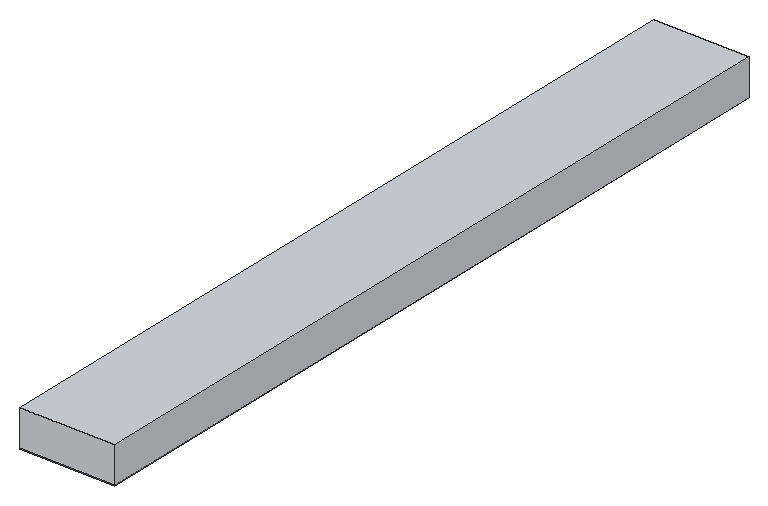
Revit family "ERK9635W_RAD770N", category 照明器具, Revit 2020
Family settings
  丸型コネクタ寸法 = 直径を使用
  パーツ タイプ = 標準
  OmniClass 番号 = 23.80.70.11.14.17
  OmniClass タイトル = Direct/Indirect
  作業面ベース = いいえ
  常に垂直 = はい
  ロード時にボイドで切り取り = はい
  光源 = はい
  共有 = いいえ
  部屋計算ポイント = いいえ
Parameters (values of type "ERK9635W_RAD770N")
  電源種別_記号 = "AC"
  電源種別 = ""
  防災用照明器具電源種別 = ""
  防災用照明器具種類 = ""
  運転質量 = 0.00 kg
  質量 = 0.00 kg
  負荷分類 = 8_照明
  積算_科目2 = "[1_1]照明"
  説明 = "ベースライト 逆富士 40Wタイプ W+150"
  誘導灯形式 = ""
  誘導灯仕様 = ""
  認定番号 = ""
  設置方法 = ""
  記号 = ""
  製造元 = "株式会社遠藤照明"
  製品質量 = 0.00 kg
  製品出荷対象 = ""
  製品リリース年月 = "2023.04"
  製品グループ = ""
  背面形式 = ""
  系統 [instance] = ""
  符号 = ""
  積算_科目 = "1 電灯設備"
  積算_拾い区分 = ""
  種別 [instance] = ""
  相 = 1
  皮相負荷 = 0 VA
  用途 = "E_一般照明"
  特殊仕様 [instance] = ""
  照明制御装置の種類 = ""
  法定耐用年数 = ""
  極数 = 1
  材質_本体 = none
  材質_反射板 = none
  材質_ルーバー = none
  材質_カバー = none
  材質 = ""
  既定の高さ = 0 mm
  形式 = "ベースライト"
  平均演色評価数(Ra) = 82
  定格消費電力 = 24.1 W
  定格入力電流 = 0 A
  定格入力電圧 = 0 V
  定格入力容量 = 0 VA
  定格光束 = 4057 lm
  安定器_蛍光灯 = ""
  安定器_定格電圧 = 0 V
  安定器_入力電流 = 0 A
  安定器_入力電力 = 0 W
  安定器_二次電圧 = 0 V
  埋込高さ = "0"
  埋込穴寸法 = "0"
  固有エネルギー消費効率(lm/W) = 168.3
  器具サイズ = ""
  呼称 = "ベースライト"
  周波数 = 0 Hz
  参照している仕様書等のバージョン = ""
  分類コード = "40305100000000"
  分類グループ = ""
  公共型番 = "LSS9-4-37"
  傾斜角 = 90.00°
  価格 = 25550
  企業コード = "6932"
  付属品 = ""
  仕様書バージョン = ""
  仕様 = ""
  Wattage = 27.3121 W
  built-in parameter 1150110 = 1 (stored number, unit not read)
  built-in parameter 1114217 = 1 (stored number, unit not read)
  built-in parameter 1150109 = 1 (stored number, unit not read)
  built-in parameter 1150134 = 2
  ランプの種類 = "LED"
  ランプ_電流 = 0 A
  ランプ_本数 = 0
  ランプ_定格消費電力 = 0 W
  ランプ_定格消費効率(lm/W) = 0
  ランプ_大きさ = ""
  ランプ_全光束 = 0 lm
  ランプ = "LED"
  モデル = "ERK9635W_RAD770N"
  フォトメトリック Web ファイル = "ERK9635W_RAD770N.IES"
  イメージ(タイプ) = <なし>
  シンボル表示 = yes
  built-in parameter 1150113 = 1 (stored number, unit not read)
  Lumens = 4057 lm
  built-in parameter 1150115 = 1 (stored number, unit not read)
  built-in parameter 1150105 = 322.85 (stored number, unit not read)
  built-in parameter 1150137 = (empty or 0)
  built-in parameter 1150139 = (empty or 0)
  built-in parameter 1150112 = 1 (stored number, unit not read)
  built-in parameter 1150114 = 1 (stored number, unit not read)
  built-in parameter 1150132 = 2
  built-in parameter 1150102 = (empty or 0)
  built-in parameter 1150138 = (empty or 0)
  built-in parameter 1150107 = 5000 (stored number, unit not read)
  built-in parameter 1150106 = 3.2285 (stored number, unit not read)
  built-in parameter 1150104 = 13.8 (stored number, unit not read)
  Dimming Lamp Color Temperature Shift = (empty or 0)
  サービススペース表示 = no
  コメント = ""
  グレア分類 = ""
  Keynote = ""
  Color Filter = 16777215
  built-in parameter 1114218 = 1 (stored number, unit not read)
  built-in parameter 1150133 = 10 (stored number, unit not read)
  カバー形状 = ""
  built-in parameter 1150142 = "IESNA:LM-63-2002\r\n[TEST] ERK9635W_RAD770N  HEC0K01(update:11111111)\r\n[MANUFAC] ENDO LIGHTING CORP.\r\n[LUMCAT] ERK9635W_RAD770N\r\n[LAMP] 40W4000lmÀ²Ìß_SD??°½Þ_5000K 5000K\r\n[LAMPCAT] 40W4000lmÀ²??_SD¼Ø°??_5000K 4136 lm x1 5000K\r\nTILT=NONE\r\n1 4136 1.0 37 19 1 2 0 0 0\r\n1 1 0\r\n0 5 10 15 20 25 30 35 40 45 50 55 60 65 70 75 80 85 90 95 100 105 110 115 120 125 130 135 140 145 150 155 160 165 170 175 180 \r\n0 5 10 15 20 25 30 35 40 45 50 55 60 65 70 75 80 85 90 \r\n1255.2586 1254.4306 1239.3609 1214.1895 1179.4132 1135.446 1083.4471 1023.5822 955.6857 882.3243 804.8725 722.7507 638.7826 555.3608 474.8372 397.2364 325.887 262.9088\r\n209.5768 166.4211 133.2346 109.8517 89.3254 67.6242 41.1983 18.1665 3.3142 2.9036 2.8281 3.2262 3.3476 3.5571 3.4021 3.5152 3.7499 3.9971\r\n4.1814\r\n1255.2586 1253.7682 1238.6985 1213.527 1178.5852 1135.032 1082.6191 1022.6714 955.2717 881.3306 803.6139 721.6992 637.9049 554.3755 473.7608 396.1517 324.794 261.8241\r\n208.5004 165.4358 132.3983 109.0816 88.6547 66.8698 40.5533 17.6498 3.2031 2.8868 2.8323 3.2136 3.3498 3.5613 3.4021 3.5237 3.7582 4.0013\r\n4.1647\r\n1255.2586 1252.9402 1237.4564 1212.5334 1177.3431 1133.5416 1081.1287 1021.0154 953.3673 879.5918 801.726 719.6043 635.3712 551.5934 470.7468 392.939 321.424 258.4872\r\n205.2961 162.4964 129.8812 106.8791 86.6592 64.6914 38.6679 16.1246 2.9161 2.8469 2.8365 3.1926 3.3519 3.5634 3.4042 3.5467 3.7729 3.9971\r\n4.1312\r\n1255.2586 1252.1122 1236.6284 1211.2086 1176.0183 1131.6372 1079.3071 1018.9454 950.8832 876.8594 798.5879 716.0439 631.4713 547.2381 465.8864 387.6646 315.9095 252.981\r\n199.9968 157.6608 125.7329 103.2939 83.372 61.1715 35.6598 13.6836 2.5642 2.8072 2.8575 3.1633 3.3498 3.5656 3.4084 3.5697 3.7876 3.9782\r\n4.106\r\n1255.2586 1251.2842 1235.966 1210.215 1174.6107 1130.3951 1077.4027 1016.4614 948.1508 873.1334 794.3982 711.2249 626.1058 541.2599 459.2872 380.4113 308.325 245.3302\r\n192.6689 150.9954 120.1024 98.3921 78.8321 56.2068 31.591 10.5745 2.3714 2.7841 2.9077 3.1444 3.3519 3.5719 3.4189 3.5907 3.7897 3.9636\r\n4.0934\r\n1255.2586 1249.7938 1234.0616 1208.145 1172.2923 1127.9111 1074.2563 1013.4806 944.5904 869.3245 789.7862 705.7766 619.49 533.7664 451.0154 371.386 298.778 235.6508\r\n183.4035 142.6573 113.0975 92.2317 73.1337 50.0265 26.6237 7.3532 2.3924 2.7694 2.9685 3.1424 3.3707 3.5781 3.4273 3.6075 3.7834 3.951\r\n4.0851\r\n1255.2586 1248.3033 1232.4056 1205.9922 1169.5599 1124.5163 1070.4474 1009.0921 939.7051 864.3565 784.3379 699.492 612.1124 525.0475 441.1042 360.6136 287.335 224.0918\r\n172.4325 132.8123 104.8505 84.9866 66.1785 42.7782 20.913 4.37 2.4322 2.7694 3.0334 3.1487 3.3917 3.5928 3.4314 3.6116 3.7813 3.9426\r\n4.0872\r\n1255.2586 1247.3097 1231.3292 1204.5846 1167.4899 1121.6183 1066.7214 1004.2897 934.3231 858.2292 777.631 692.3712 603.9897 515.6248 430.0834 348.2763 274.178 210.7692\r\n159.7557 121.5845 95.61 76.7157 58.0292 34.8177 14.5514 2.6878 2.4699 2.782 3.0921 3.1654 3.4126 3.6116 3.4377 3.6116 3.7813 3.9406\r\n4.0893\r\n1255.2586 1247.4753 1231.1636 1204.3362 1166.4134 1119.4655 1063.575 1000.0668 929.2722 852.1848 770.7255 683.9917 594.9147 505.4403 418.3919 334.8709 259.7044 196.0389\r\n145.8038 109.3714 85.5911 67.6656 48.6653 26.5426 8.2624 2.2583 2.5055 2.8198 3.1361 3.1969 3.4356 3.6242 3.4461 3.6095 3.775 3.9426\r\n4.0913\r\n1255.2586 1247.7237 1230.9152 1203.6738 1165.337 1117.6438 1060.8426 996.7548 924.6354 846.5543 763.5963 675.8193 585.1525 494.2953 405.7814 320.4801 243.9474 179.9259\r\n130.5933 96.2807 74.9562 57.9034 38.1695 18.0787 3.7394 2.3149 2.5599 2.8617 3.1884 3.2262 3.4566 3.6388 3.4608 3.6075 3.7792 3.9468\r\n4.0913\r\n1255.2586 1247.8893 1230.7496 1203.2598 1164.095 1115.7394 1058.3585 993.1944 920.247 841.2551 757.527 668.0692 575.8292 483.109 392.7734 305.5843 227.2962 162.8773\r\n114.6127 82.8504 63.8741 47.492 27.5064 9.5734 2.2687 2.3547 2.6165 2.9014 3.2492 3.2597 3.4733 3.6557 3.4733 3.6095 3.7792 3.9531\r\n4.0872\r\n1255.2586 1247.4753 1230.5012 1202.6802 1163.5154 1114.0834 1055.7917 989.634 915.8585 836.0387 751.2425 661.1553 567.2842 472.3614 379.6992 290.1668 209.9081 144.9012\r\n97.9118 69.1949 52.3731 35.9902 17.3244 3.4566 2.2667 2.4112 2.6584 2.9455 3.3057 3.3037 3.4859 3.6744 3.4881 3.6138 3.7834 3.9594\r\n4.0893\r\n1255.2586 1247.0613 1229.2592 1201.1897 1161.611 1111.5166 1052.6453 986.0735 911.6357 830.8222 744.9579 654.2414 558.9461 462.2018 367.0721 274.8735 192.1887 126.2793\r\n80.9062 55.7249 40.6833 23.84 7.7722 2.3463 2.3212 2.4887 2.6962 2.9999 3.3686 3.3519 3.4985 3.6933 3.5006 3.62 3.7813 3.9636\r\n4.0872\r\n1255.2586 1247.8893 1230.5012 1201.1897 1161.197 1110.937 1051.1549 983.7551 908.3237 827.0713 740.1389 648.3792 551.8832 453.5243 355.9685 260.6483 175.0076 107.6326\r\n64.0414 42.8825 28.9306 12.8209 2.7653 2.3463 2.3944 2.5453 2.7401 3.0565 3.4168 3.4021 3.5132 3.7143 3.5152 3.6305 3.7876 3.9657\r\n4.0913\r\n1255.2586 1250.4562 1232.654 1203.0942 1162.439 1111.765 1051.1549 982.6787 906.2537 823.9332 736.3632 643.3532 546.0623 446.1716 346.4381 247.8887 158.6875 89.2592\r\n47.617 30.6901 16.7804 4.0222 2.5977 2.3882 2.4552 2.6144 2.7988 3.1068 3.4566 3.4524 3.5341 3.7332 3.53 3.6409 3.7918 3.9677\r\n4.0913\r\n1255.2586 1250.8702 1232.8196 1203.0942 1162.025 1111.351 1051.1549 982.6787 905.8396 822.8816 734.2683 639.7844 541.2847 440.036 338.5389 237.0584 143.8165 71.6466\r\n32.0315 18.9589 6.3685 2.7234 2.6187 2.4092 2.539 2.671 2.826 3.1507 3.4881 3.5006 3.5676 3.7541 3.5446 3.6535 3.7981 3.9699\r\n4.0934\r\n1255.2586 1250.6218 1232.4056 1202.4318 1161.197 1110.2746 1049.3333 980.6087 903.6868 821.0021 732.1735 637.6896 538.4364 435.8877 332.6104 228.8446 131.976 55.9137\r\n18.2046 8.2749 2.891 2.6815 2.6396 2.5139 2.604 2.7234 2.8658 3.1843 3.5132 3.5341 3.6053 3.7708 3.5593 3.6682 3.8064 3.974\r\n4.0976\r\n1255.2586 1248.1377 1229.9216 1200.1133 1158.6302 1107.5422 1046.6008 977.8763 901.2028 817.8556 728.82 633.9222 534.6441 432.1203 328.2468 222.9988 123.5304 43.9928\r\n7.5208 3.0376 2.9119 2.8281 2.7653 2.5768 2.5851 2.7506 2.8784 3.1969 3.5237 3.5593 3.6347 3.7876 3.5697 3.6807 3.8127 3.9762\r\n4.1019\r\n1255.2586 1243.5009 1225.5331 1195.7249 1153.8277 1103.1537 1042.792 974.0674 897.808 814.9245 725.6819 630.991 531.8123 429.3299 325.6717 220.4651 120.5827 39.4678\r\n2.891 3.0586 2.9329 2.7653 2.6815 2.5558 2.5809 2.7485 2.8868 3.201 3.532 3.5656 3.6494 3.796 3.5781 3.687 3.8169 3.9762\r\n4.1019\r\n"
  diameter = 0 mm
  Width = 150 mm
  Version = ""
  Uniclass2015Version = ""
  Uniclass2015Title = ""
  Uniclass2015Code = ""
  URL = "https://www.endo-lighting.co.jp/"
  SpecificationReference = ""
  SpecificationDescription = ""
  Revision = ""
  ProductInformation = ""
  OmniClassCode = "23.80.70.11.14.17"
  LED制御装置 = ""
  IfcTypeProduct = ""
  IfcProduct = ""
  IfcExportType = ""
  IfcExportAs = "IfcLightFixtureType"
  Height = 57 mm
  Depth = 1250 mm
  Clearance Top = 0 mm
  Clearance Right = 0 mm
  Clearance Left = 0 mm
  Clearance Front = 0 mm
  Clearance Bottom = 0 mm
  Clearance Back = 0 mm
  Author = "遠藤照明"
Reference planes
  plane 1 "光源軸(正面/背面)": y = 0
  plane 2: z = 0
  plane 3 "光源軸(左/右)": x = 0
  plane 4 "光源高さ": z = -157
  plane 5: x = 75
  plane 6: x = -75
  plane 7: y = 625
  plane 8: y = -625
  plane 9: z = -57
  plane 10: z = 0
  plane 11: z = -59
Forms (mm)
  Extrusion 1, solid
    sketch origin (0, 0, 0) x (1, 0, 0) y (0, 0, 1)
      loop
        line (-75, -57) -> (75, -57) -> (75, 0) -> (-75, 0) -> (-75, -57)
    from 625 to -625
  Extrusion 2, solid, material "発光面"
    sketch origin (0, 0, 0) x (1, 0, 0) y (0, 0, 1)
      loop
        line (-75, -59) -> (75, -59) -> (75, -57) -> (-75, -57) -> (-75, -59)
    from 625 to -625
Lines and regions (mm)
  symbolic lines, detail levels fine
    curve 1: line (75, 625, 0) -> (-75, 625, 0)
    curve 2: line (75, -625, 0) -> (75, 625, 0)
    curve 3: line (-75, 625, 0) -> (-75, -625, 0)
    curve 4: line (-75, -625, 0) -> (75, -625, 0)
Dimensions and locks
  equal spacing: plane 6, plane 3 "光源軸(左/右)", plane 5
  "Width": plane 6 to plane 5
  equal spacing: plane 8, plane 1 "光源軸(正面/背面)", plane 7
  "Depth": plane 8 to plane 7
  "Height": plane 2 to plane 9
  locked: plane 9 to plane 4 "光源高さ" at 100
  locked: plane 9 to plane 11 at 2
  aligned and locked: plane 3 "光源軸(左/右)" to imposter light
  aligned and locked: plane 1 "光源軸(正面/背面)" to imposter light
  aligned and locked: plane 4 "光源高さ" to imposter light
  aligned and locked: level to plane 2
  aligned and locked: plane 6 to Extrusion 1 sketch curve
  aligned and locked: plane 2 to Extrusion 1 sketch curve
  aligned and locked: plane 5 to Extrusion 1 sketch curve
  aligned and locked: plane 7 to Extrusion 1
  aligned and locked: plane 8 to Extrusion 1
  aligned and locked: Extrusion 2 sketch curve to plane 11
  aligned and locked: plane 6 to Extrusion 2 sketch curve
  aligned and locked: Extrusion 2 sketch curve to Extrusion 1  (x2)
  aligned and locked: plane 7 to Extrusion 2
  aligned and locked: plane 8 to Extrusion 2
  aligned and locked: curve 1 to Extrusion 1
  aligned and locked: curve 2 to Extrusion 1
  aligned and locked: curve 3 to Extrusion 1
  aligned and locked: curve 4 to Extrusion 1
Automatic sketch dimensions
  Extrusion 1 sketch curve to plane 9 = 0 mm
Nested families
  nested 1: "symbol_line" at (0, 0, 0) x (0, -1, 0) z (0, 0, 1), visible <- "シンボル表示", type "1/100", detail levels coarse+medium
Connectors
  electrical at (0, 0, 0), driven by "極数", driven by "負荷分類", driven by "定格入力電圧", driven by "皮相負荷"
    settings: on Extrusion 1, index 1, voltage 0 V, apparent load 0 VA, apparent load phase1 0 VA, apparent load phase2 0 VA, apparent load phase3 0 VA, power factor 1, load classification "8_照明", number of poles 1, system type 30, power factor state 1, is connector primary yes, connector utility no, sub classification motor no, connector description ""
Definition of nested family "symbol_line"
  Parameters (values of type "1/100")
    縮尺倍率 = if([縮尺1/50], 1.25, if([縮尺1/100], 1, if([縮尺1/200], 0.8, 0)))  # 1
    縮尺1/50 = no
    縮尺1/200 = no
    縮尺1/100 = yes
    W = 12 mm * 縮尺倍率  # 12 mm
    D = 1.5 mm * 縮尺倍率  # 1.5 mm
  Reference planes
    plane 1: y = 0
    plane 2: x = 0
  Lines and regions (mm)
    Masking region 1
      outline origin (0, 0, 0) x (1, 0, 0) y (0, 1, 0)
        loop
          line (-6, 0.75) -> (-6, -0.75) -> (6, -0.75) -> (6, 0.75) -> (-6, 0.75)
    reference lines
      curve 1: line (-304.8, 0.75, 0) -> (304.8, 0.75, 0)
      curve 2: line (304.8, -0.75, 0) -> (-304.8, -0.75, 0)
      curve 3: line (-6, -304.8, 0) -> (-6, 304.8, 0)
      curve 4: line (6, 304.8, 0) -> (6, -304.8, 0)
      curve 5: line (-6, 0.75, 0) -> (6, 0.75, 0)
      curve 6: line (-6, -0.75, 0) -> (-6, 0.75, 0)
      curve 7: line (6, 0.75, 0) -> (6, -0.75, 0)
    detail lines
      curve 8: line (-6, 0.75, 0) -> (6, 0.75, 0)
      curve 9: line (-6, -0.75, 0) -> (-6, 0.75, 0)
      curve 10: line (6, 0.75, 0) -> (6, -0.75, 0)
      curve 11: line (6, -0.75, 0) -> (-6, -0.75, 0)
  Dimensions and locks
    equal spacing: curve 2, plane 1, curve 1, locked at 0.75 each
    equal spacing: curve 3, plane 2, curve 4, locked at 6 each
    "W": curve 3 to curve 4
    "D": curve 2 to curve 1
    aligned and locked: curve 1 to curve 5
    aligned and locked: curve 3 to curve 6
    aligned and locked: curve 4 to curve 7
    aligned and locked: curve 9 to curve 6
    aligned and locked: curve 10 to curve 7
    aligned and locked: curve 1 to curve 8
    aligned and locked: curve 2 to curve 11
    aligned and locked: Masking region 1 sketch curve to curve 8
    aligned and locked: Masking region 1 sketch curve to curve 10
    aligned and locked: Masking region 1 sketch curve to curve 11
    aligned and locked: Masking region 1 sketch curve to curve 9
  Automatic sketch dimensions
    curve 1 to curve 5 = 298.8 mm
    curve 2 to curve 1 = 0 mm  (x2)
    curve 5 to curve 1 = 298.8 mm
    curve 4 to curve 7 = 304.05 mm
    curve 3 to curve 4 = 0 mm  (x2)
    curve 5 to curve 3 = 304.05 mm
